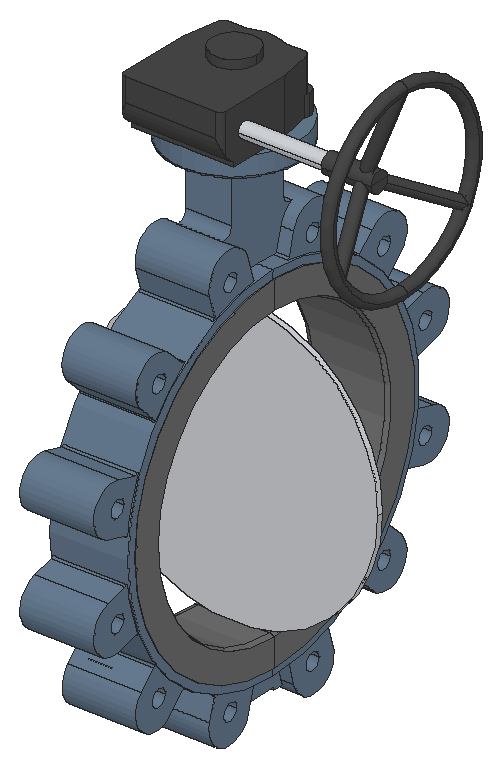
Revit family "HERZ Isolating Butterfly Valves AF-4219 with gearbox", category Rohrzubehör, Revit 2019 (continued)
Dimensions and locks
  "L03": plane 3 "Mitte (Links/rechts)" to Revolve 6 sketch curve
  "L02": Revolve 6 sketch curve to plane 3 "Mitte (Links/rechts)"
  "L03": Revolve 6 sketch curve to plane 3 "Mitte (Links/rechts)"
  "L01": plane 3 "Mitte (Links/rechts)" to Revolve 1 sketch curve
  "D02": Revolve 1 sketch curve to plane 2
  "L02": plane 3 "Mitte (Links/rechts)" to Revolve 6 sketch curve
  "D03": plane 2 to Revolve 6 sketch curve
  "L04": Revolve 6 sketch curve to plane 3 "Mitte (Links/rechts)" to Revolve 6 sketch curve
  "L01": curve 2 to plane 3 "Mitte (Links/rechts)" to curve 4
  equal spacing: curve 3, curve 6, curve 1
  equal spacing: curve 2, curve 6, curve 4
  "D01": curve 1 to plane 1 "Mitte (Vorne/hinten)" to curve 3
  "L01": curve 7 to curve 12 to curve 9
  "D01": curve 10 to curve 12 to curve 8
  "R99": radius of Revolve 2 sketch curve
  "D06": radius of Extrusion 7 sketch curve
  radius of curve 6 = 5 mm
  radius of curve 12 = 5 mm
  aligned and locked: level to plane 2
Automatic sketch dimensions
  Extrusion 3 sketch curve to Extrusion 3 sketch curve = 0 mm  (x20)
  Extrusion 3 sketch curve to level = 0 mm
  Extrusion 3 sketch curve to plane 1 "Mitte (Vorne/hinten)" = 0 mm
  plane 1 "Mitte (Vorne/hinten)" to Extrusion 3 sketch curve = 18.495 mm  (x2)
  Extrusion 3 sketch curve to Extrusion 3 sketch curve = 1.414 mm  (x16)
  Extrusion 3 sketch curve to Extrusion 3 sketch curve = 12.265 mm  (x8)
  Extrusion 3 sketch curve to level = 19.909 mm  (x2)
  Extrusion 3 sketch curve to Extrusion 3 sketch curve = 24.042 mm  (x8)
  level to Extrusion 3 sketch curve = 19.909 mm  (x2)
  Extrusion 3 sketch curve to Extrusion 3 sketch curve = 12.021 mm  (x12)
  Extrusion 3 sketch curve to plane 1 "Mitte (Vorne/hinten)" = 18.495 mm  (x2)
  Extrusion 3 sketch curve to Extrusion 3 sketch curve = 0.934 mm  (x4)
  Extrusion 4 sketch curve to level = 0 mm
  Extrusion 4 sketch curve to plane 1 "Mitte (Vorne/hinten)" = 0 mm
  plane 1 "Mitte (Vorne/hinten)" to Extrusion 4 sketch curve = 18.495 mm
  Extrusion 4 sketch curve to Extrusion 4 sketch curve = 1.414 mm  (x4)
  plane 1 "Mitte (Vorne/hinten)" to Extrusion 4 sketch curve = 20 mm
  Extrusion 4 sketch curve to Extrusion 4 sketch curve = 12.265 mm  (x2)
  Extrusion 4 sketch curve to Extrusion 4 sketch curve = 15 mm  (x2)
  Extrusion 4 sketch curve to Extrusion 4 sketch curve = 12.021 mm  (x4)
  Extrusion 4 sketch curve to plane 1 "Mitte (Vorne/hinten)" = 18.495 mm
  Extrusion 4 sketch curve to plane 1 "Mitte (Vorne/hinten)" = 20 mm
  level to Extrusion 4 sketch curve = 43.95 mm
  Extrusion 4 sketch curve to Extrusion 4 sketch curve = 0 mm
  Extrusion 4 sketch curve to Extrusion 4 sketch curve = 0.244 mm  (x2)
  Extrusion 4 sketch curve to Extrusion 4 sketch curve = 18.63 mm  (x2)
  Extrusion 4 sketch curve to Extrusion 4 sketch curve = 0.934 mm
  Extrusion 5 sketch curve to level = 0 mm
  Extrusion 5 sketch curve to plane 1 "Mitte (Vorne/hinten)" = 0 mm
  plane 1 "Mitte (Vorne/hinten)" to Extrusion 5 sketch curve = 15 mm
  Extrusion 5 sketch curve to Extrusion 5 sketch curve = 1.963 mm  (x2)
  Extrusion 5 sketch curve to Extrusion 5 sketch curve = 1.531 mm  (x2)
  Extrusion 5 sketch curve to Extrusion 5 sketch curve = 1.414 mm  (x4)
  Extrusion 5 sketch curve to Extrusion 5 sketch curve = 15.21 mm  (x2)
  Extrusion 5 sketch curve to Extrusion 5 sketch curve = 1.66 mm  (x2)
  Extrusion 5 sketch curve to Extrusion 5 sketch curve = 12.021 mm  (x3)
  Extrusion 5 sketch curve to plane 1 "Mitte (Vorne/hinten)" = 15 mm
  Extrusion 5 sketch curve to Extrusion 5 sketch curve = 1.037 mm  (x2)
  Extrusion 5 sketch curve to Extrusion 5 sketch curve = 1.4 mm  (x2)
  Extrusion 5 sketch curve to Extrusion 5 sketch curve = 1.785 mm  (x2)
  Extrusion 5 sketch curve to Extrusion 5 sketch curve = 12.635 mm  (x2)
  Extrusion 5 sketch curve to Extrusion 5 sketch curve = 0.934 mm
  Extrusion 5 sketch curve to Extrusion 5 sketch curve = 0.788 mm  (x2)
  Extrusion 5 sketch curve to Extrusion 5 sketch curve = 0 mm  (x2)
  Extrusion 4 sketch curve to Extrusion 4 sketch curve = 37.155 mm
  Extrusion 5 sketch curve to level = 43.95 mm
  Extrusion 8 sketch curve to Extrusion 8 sketch curve = 0 mm  (x12)
  Extrusion 8 sketch curve to level = 39.244 mm  (x2)
  plane 1 "Mitte (Vorne/hinten)" to Extrusion 8 sketch curve = 63.286 mm
  level to Extrusion 8 sketch curve = 39.244 mm  (x2)
  Extrusion 8 sketch curve to Extrusion 8 sketch curve = 9.19 mm  (x2)
  level to Extrusion 8 sketch curve = 28.614 mm  (x2)
  Extrusion 8 sketch curve to Extrusion 8 sketch curve = 1.441 mm  (x8)
  Extrusion 8 sketch curve to level = 28.614 mm  (x2)
  Extrusion 8 sketch curve to Extrusion 8 sketch curve = 12.021 mm  (x6)
  level to Extrusion 8 sketch curve = 63.286 mm  (x2)
  Extrusion 8 sketch curve to level = 63.286 mm  (x2)
  level to Extrusion 8 sketch curve = 52.636 mm  (x2)
  Extrusion 8 sketch curve to Extrusion 8 sketch curve = 10.65 mm  (x4)
  Extrusion 8 sketch curve to level = 52.636 mm  (x2)
  Extrusion 8 sketch curve to Extrusion 8 sketch curve = 1.414 mm  (x8)
  level to Extrusion 8 sketch curve = 0.001 mm  (x2)
  Extrusion 8 sketch curve to Extrusion 8 sketch curve = 28.594 mm
  Extrusion 8 sketch curve to level = 0.001 mm  (x2)
  Extrusion 8 sketch curve to Extrusion 8 sketch curve = 0.001 mm  (x2)
  Extrusion 8 sketch curve to Extrusion 8 sketch curve = 54.361 mm  (x2)
  Extrusion 8 sketch curve to Extrusion 8 sketch curve = 1.39 mm  (x2)
  Extrusion 8 sketch curve to Extrusion 8 sketch curve = 10.63 mm  (x2)
  Extrusion 8 sketch curve to Extrusion 8 sketch curve = 1.832 mm  (x2)
  Extrusion 9 sketch curve to Extrusion 9 sketch curve = 0 mm  (x5)
  Extrusion 9 sketch curve to level = 0 mm
  Extrusion 9 sketch curve to level = 51.265 mm
  plane 1 "Mitte (Vorne/hinten)" to Extrusion 9 sketch curve = 51.265 mm
  level to Extrusion 9 sketch curve = 51.265 mm
  Extrusion 9 sketch curve to Extrusion 9 sketch curve = 9.247 mm  (x3)
  Extrusion 9 sketch curve to level = 63.286 mm  (x2)
  Extrusion 9 sketch curve to Extrusion 9 sketch curve = 2.774 mm  (x4)
  level to Extrusion 9 sketch curve = 63.286 mm  (x2)
  Extrusion 9 sketch curve to Extrusion 9 sketch curve = 2.244 mm  (x2)
  Extrusion 9 sketch curve to Extrusion 9 sketch curve = 0.183 mm  (x2)
  level to Extrusion 9 sketch curve = 52.636 mm  (x2)
  Extrusion 9 sketch curve to Extrusion 9 sketch curve = 10.65 mm  (x3)
  Extrusion 9 sketch curve to level = 52.636 mm  (x2)
  Extrusion 9 sketch curve to Extrusion 9 sketch curve = 1.414 mm  (x8)
  Extrusion 9 sketch curve to Extrusion 9 sketch curve = 14.817 mm  (x2)
  Extrusion 9 sketch curve to Extrusion 9 sketch curve = 7.21 mm
  Extrusion 9 sketch curve to Extrusion 9 sketch curve = 1.971 mm
  Extrusion 9 sketch curve to Extrusion 9 sketch curve = 28.595 mm
  Extrusion 9 sketch curve to Extrusion 9 sketch curve = 36 mm
  Extrusion 9 sketch curve to Extrusion 9 sketch curve = 1.997 mm
  Extrusion 9 sketch curve to Extrusion 9 sketch curve = 44 mm
  Extrusion 9 sketch curve to Extrusion 9 sketch curve = 5.181 mm
  Extrusion 9 sketch curve to Extrusion 9 sketch curve = 7.184 mm
  Extrusion 9 sketch curve to Extrusion 9 sketch curve = 12.021 mm  (x2)
  Extrusion 9 sketch curve to Extrusion 9 sketch curve = 14.891 mm
  Extrusion 9 sketch curve to Extrusion 9 sketch curve = 6.473 mm
  Extrusion 9 sketch curve to Extrusion 9 sketch curve = 12.756 mm  (x2)
  Extrusion 9 sketch curve to Extrusion 9 sketch curve = 55.987 mm
  Extrusion 10 sketch curve to Extrusion 10 sketch curve = 0 mm  (x48)
  level to Extrusion 10 sketch curve = 14.909 mm  (x2)
  plane 1 "Mitte (Vorne/hinten)" to Extrusion 10 sketch curve = 80.416 mm
  Extrusion 10 sketch curve to level = 14.909 mm  (x2)
  Extrusion 10 sketch curve to Extrusion 10 sketch curve = 6.506 mm  (x6)
  Extrusion 10 sketch curve to level = 46.321 mm  (x2)
  level to Extrusion 10 sketch curve = 46.321 mm  (x2)
  Extrusion 10 sketch curve to level = 7.243 mm
  Extrusion 10 sketch curve to Extrusion 10 sketch curve = 13.321 mm
  level to Extrusion 10 sketch curve = 7.243 mm
  Extrusion 10 sketch curve to level = 9.076 mm  (x2)
  Extrusion 10 sketch curve to Extrusion 10 sketch curve = 0.759 mm  (x8)
  level to Extrusion 10 sketch curve = 9.076 mm  (x2)
  level to Extrusion 10 sketch curve = 40.487 mm  (x2)
  Extrusion 10 sketch curve to Extrusion 10 sketch curve = 14.082 mm  (x4)
  Extrusion 10 sketch curve to level = 40.487 mm  (x2)
  Extrusion 10 sketch curve to Extrusion 10 sketch curve = 0.758 mm  (x8)
  level to Extrusion 10 sketch curve = 67.405 mm  (x2)
  Extrusion 10 sketch curve to Extrusion 10 sketch curve = 6.243 mm  (x2)
  Extrusion 10 sketch curve to level = 67.405 mm  (x2)
  Extrusion 10 sketch curve to Extrusion 10 sketch curve = 10.245 mm  (x4)
  level to Extrusion 10 sketch curve = 53.322 mm  (x2)
  Extrusion 10 sketch curve to Extrusion 10 sketch curve = 1.831 mm  (x8)
  Extrusion 10 sketch curve to level = 53.322 mm  (x2)
  Extrusion 10 sketch curve to Extrusion 10 sketch curve = 15.706 mm  (x6)
  level to Extrusion 10 sketch curve = 80.416 mm  (x2)
  Extrusion 10 sketch curve to level = 80.416 mm  (x2)
  Extrusion 10 sketch curve to level = 66.335 mm  (x2)
  Extrusion 10 sketch curve to Extrusion 10 sketch curve = 5.832 mm  (x4)
  level to Extrusion 10 sketch curve = 66.335 mm  (x2)
  Extrusion 10 sketch curve to Extrusion 10 sketch curve = 1.833 mm  (x6)
  level to Extrusion 10 sketch curve = 0 mm
  Extrusion 10 sketch curve to Extrusion 10 sketch curve = 14.486 mm  (x2)
  Extrusion 10 sketch curve to Extrusion 10 sketch curve = 9.873 mm  (x2)
  Extrusion 10 sketch curve to Extrusion 10 sketch curve = 5.833 mm  (x2)
  Extrusion 10 sketch curve to Extrusion 10 sketch curve = 13.013 mm
  Extrusion 10 sketch curve to Extrusion 10 sketch curve = 14.081 mm  (x2)
  Extrusion 10 sketch curve to Extrusion 10 sketch curve = 1.973 mm  (x4)
  Extrusion 10 sketch curve to Extrusion 10 sketch curve = 1.544 mm  (x4)
  Extrusion 10 sketch curve to Extrusion 10 sketch curve = 1.243 mm  (x3)
  Extrusion 10 sketch curve to Extrusion 10 sketch curve = 0.211 mm  (x2)
  Extrusion 10 sketch curve to Extrusion 10 sketch curve = 0.002 mm  (x5)
  Extrusion 10 sketch curve to Extrusion 10 sketch curve = 0.213 mm  (x2)
  Extrusion 10 sketch curve to Extrusion 10 sketch curve = 41.076 mm
  Extrusion 10 sketch curve to level = 0 mm
  level to Extrusion 11 sketch curve = 100.814 mm
  plane 1 "Mitte (Vorne/hinten)" to Extrusion 11 sketch curve = 32 mm
  Extrusion 11 sketch curve to Extrusion 11 sketch curve = 1.385 mm
  Extrusion 11 sketch curve to Extrusion 11 sketch curve = 10 mm  (x2)
  Extrusion 11 sketch curve to level = 80.416 mm
  Extrusion 11 sketch curve to Extrusion 11 sketch curve = 15.706 mm  (x3)
  level to Extrusion 11 sketch curve = 80.416 mm  (x2)
  Extrusion 11 sketch curve to Extrusion 11 sketch curve = 1.409 mm
  Extrusion 11 sketch curve to level = 66.335 mm  (x2)
  Extrusion 11 sketch curve to Extrusion 11 sketch curve = 5.832 mm  (x3)
  level to Extrusion 11 sketch curve = 66.335 mm  (x2)
  Extrusion 11 sketch curve to Extrusion 11 sketch curve = 1.833 mm  (x4)
  level to Extrusion 11 sketch curve = 0.554 mm
  Extrusion 11 sketch curve to Extrusion 11 sketch curve = 9.076 mm
  Extrusion 11 sketch curve to level = 0.554 mm
  Extrusion 11 sketch curve to Extrusion 11 sketch curve = 0 mm  (x3)
  Extrusion 11 sketch curve to Extrusion 11 sketch curve = 14.486 mm  (x2)
  Extrusion 11 sketch curve to Extrusion 11 sketch curve = 44 mm
  Extrusion 11 sketch curve to Extrusion 11 sketch curve = 0.759 mm  (x4)
  Extrusion 11 sketch curve to Extrusion 11 sketch curve = 6.506 mm
  Extrusion 11 sketch curve to Extrusion 11 sketch curve = 42.686 mm
  Extrusion 11 sketch curve to level = 80.371 mm
  Extrusion 11 sketch curve to Extrusion 11 sketch curve = 1.39 mm
  Extrusion 11 sketch curve to Extrusion 11 sketch curve = 27 mm
  Extrusion 12 sketch curve to Extrusion 12 sketch curve = 0 mm  (x40)
  Extrusion 12 sketch curve to level = 0 mm
  level to Extrusion 12 sketch curve = 18.736 mm  (x2)
  plane 1 "Mitte (Vorne/hinten)" to Extrusion 12 sketch curve = 89.655 mm
  Extrusion 12 sketch curve to level = 18.736 mm  (x2)
  Extrusion 12 sketch curve to Extrusion 12 sketch curve = 6.506 mm  (x6)
  Extrusion 12 sketch curve to level = 50.147 mm  (x2)
  level to Extrusion 12 sketch curve = 50.147 mm  (x2)
  Extrusion 12 sketch curve to Extrusion 12 sketch curve = 13.415 mm  (x2)
  Extrusion 12 sketch curve to level = 12.858 mm  (x2)
  Extrusion 12 sketch curve to Extrusion 12 sketch curve = 0.776 mm  (x8)
  level to Extrusion 12 sketch curve = 12.858 mm  (x2)
  Extrusion 12 sketch curve to level = 44.269 mm  (x2)
  Extrusion 12 sketch curve to Extrusion 12 sketch curve = 14.192 mm  (x4)
  level to Extrusion 12 sketch curve = 44.269 mm  (x2)
  Extrusion 12 sketch curve to Extrusion 12 sketch curve = 0.775 mm  (x8)
  level to Extrusion 12 sketch curve = 76.644 mm  (x2)
  Extrusion 12 sketch curve to Extrusion 12 sketch curve = 11.529 mm  (x2)
  Extrusion 12 sketch curve to level = 76.644 mm  (x2)
  Extrusion 12 sketch curve to Extrusion 12 sketch curve = 4.008 mm  (x2)
  level to Extrusion 12 sketch curve = 62.451 mm  (x2)
  Extrusion 12 sketch curve to Extrusion 12 sketch curve = 1.871 mm  (x8)
  Extrusion 12 sketch curve to level = 62.451 mm  (x2)
  Extrusion 12 sketch curve to Extrusion 12 sketch curve = 15.706 mm  (x6)
  level to Extrusion 12 sketch curve = 89.655 mm  (x2)
  Extrusion 12 sketch curve to level = 89.655 mm  (x2)
  Extrusion 12 sketch curve to level = 75.464 mm  (x2)
  Extrusion 12 sketch curve to Extrusion 12 sketch curve = 5.878 mm  (x4)
  level to Extrusion 12 sketch curve = 75.464 mm  (x2)
  Extrusion 12 sketch curve to Extrusion 12 sketch curve = 1.873 mm  (x8)
  Extrusion 12 sketch curve to Extrusion 12 sketch curve = 21.969 mm  (x2)
  Extrusion 12 sketch curve to Extrusion 12 sketch curve = 9.827 mm  (x2)
  Extrusion 12 sketch curve to Extrusion 12 sketch curve = 5.879 mm  (x2)
  Extrusion 12 sketch curve to Extrusion 12 sketch curve = 15.537 mm  (x2)
  Extrusion 12 sketch curve to Extrusion 12 sketch curve = 13.013 mm
  Extrusion 12 sketch curve to Extrusion 12 sketch curve = 14.19 mm  (x2)
  Extrusion 12 sketch curve to Extrusion 12 sketch curve = 44.269 mm
  Extrusion 13 sketch curve to Extrusion 13 sketch curve = 0 mm  (x5)
  Extrusion 13 sketch curve to level = 0 mm
  level to Extrusion 13 sketch curve = 114.47 mm
  plane 1 "Mitte (Vorne/hinten)" to Extrusion 13 sketch curve = 41 mm
  Extrusion 13 sketch curve to level = 83.149 mm
  Extrusion 13 sketch curve to Extrusion 13 sketch curve = 6.558 mm  (x2)
  Extrusion 13 sketch curve to Extrusion 13 sketch curve = 15 mm  (x2)
  level to Extrusion 13 sketch curve = 89.655 mm  (x2)
  Extrusion 13 sketch curve to Extrusion 13 sketch curve = 15.706 mm  (x2)
  Extrusion 13 sketch curve to Extrusion 13 sketch curve = 5.236 mm  (x2)
  level to Extrusion 13 sketch curve = 75.464 mm  (x2)
  Extrusion 13 sketch curve to Extrusion 13 sketch curve = 5.878 mm  (x3)
  Extrusion 13 sketch curve to level = 75.464 mm  (x2)
  Extrusion 13 sketch curve to Extrusion 13 sketch curve = 1.873 mm  (x4)
  Extrusion 13 sketch curve to Extrusion 13 sketch curve = 12.858 mm
  Extrusion 13 sketch curve to Extrusion 13 sketch curve = 21.969 mm
  Extrusion 13 sketch curve to Extrusion 13 sketch curve = 3.345 mm
  Extrusion 13 sketch curve to Extrusion 13 sketch curve = 3 mm  (x2)
  Extrusion 13 sketch curve to Extrusion 13 sketch curve = 6.506 mm  (x3)
  Extrusion 13 sketch curve to Extrusion 13 sketch curve = 0.776 mm  (x4)
  Extrusion 13 sketch curve to Extrusion 13 sketch curve = 31.321 mm
  Extrusion 13 sketch curve to Extrusion 13 sketch curve = 52.53 mm
  Extrusion 13 sketch curve to Extrusion 13 sketch curve = 11.129 mm  (x2)
  Extrusion 13 sketch curve to Extrusion 13 sketch curve = 9.812 mm  (x2)
  Extrusion 13 sketch curve to Extrusion 13 sketch curve = 3.078 mm
  Extrusion 13 sketch curve to Extrusion 13 sketch curve = 21.68 mm
  Extrusion 13 sketch curve to Extrusion 13 sketch curve = 2.515 mm
  Extrusion 13 sketch curve to Extrusion 13 sketch curve = 52 mm
  Extrusion 14 sketch curve to Extrusion 14 sketch curve = 0 mm  (x22)
  Extrusion 14 sketch curve to level = 24.476 mm  (x2)
  plane 1 "Mitte (Vorne/hinten)" to Extrusion 14 sketch curve = 103.513 mm
  level to Extrusion 14 sketch curve = 24.476 mm  (x2)
  Extrusion 14 sketch curve to Extrusion 14 sketch curve = 6.506 mm  (x6)
  Extrusion 14 sketch curve to Extrusion 14 sketch curve = 11.623 mm  (x2)
  Extrusion 14 sketch curve to level = 19.351 mm  (x2)
  Extrusion 14 sketch curve to Extrusion 14 sketch curve = 0.749 mm  (x8)
  level to Extrusion 14 sketch curve = 19.351 mm  (x2)
  Extrusion 14 sketch curve to level = 55.888 mm  (x2)
  level to Extrusion 14 sketch curve = 55.888 mm  (x2)
  Extrusion 14 sketch curve to level = 50.783 mm  (x2)
  Extrusion 14 sketch curve to Extrusion 14 sketch curve = 12.323 mm  (x4)
  level to Extrusion 14 sketch curve = 50.783 mm  (x2)
  Extrusion 14 sketch curve to Extrusion 14 sketch curve = 0.774 mm  (x8)
  level to Extrusion 14 sketch curve = 90.502 mm  (x2)
  Extrusion 14 sketch curve to Extrusion 14 sketch curve = 21.517 mm  (x2)
  Extrusion 14 sketch curve to level = 90.502 mm  (x2)
  Extrusion 14 sketch curve to Extrusion 14 sketch curve = 3.235 mm  (x2)
  Extrusion 14 sketch curve to level = 78.179 mm  (x2)
  Extrusion 14 sketch curve to Extrusion 14 sketch curve = 1.869 mm  (x8)
  level to Extrusion 14 sketch curve = 78.179 mm  (x2)
  Extrusion 14 sketch curve to Extrusion 14 sketch curve = 15.706 mm  (x6)
  level to Extrusion 14 sketch curve = 103.513 mm  (x2)
  Extrusion 14 sketch curve to level = 103.513 mm  (x2)
  level to Extrusion 14 sketch curve = 91.141 mm  (x2)
  Extrusion 14 sketch curve to Extrusion 14 sketch curve = 5.125 mm  (x4)
  Extrusion 14 sketch curve to level = 91.141 mm  (x2)
  Extrusion 14 sketch curve to Extrusion 14 sketch curve = 1.809 mm  (x8)
  Extrusion 14 sketch curve to level = 0.103 mm  (x2)
  Extrusion 14 sketch curve to Extrusion 14 sketch curve = 90.896 mm
  level to Extrusion 14 sketch curve = 0.103 mm  (x2)
  Extrusion 14 sketch curve to Extrusion 14 sketch curve = 0.142 mm  (x7)
  Extrusion 14 sketch curve to Extrusion 14 sketch curve = 0.207 mm  (x2)
  Extrusion 14 sketch curve to Extrusion 14 sketch curve = 35.084 mm  (x2)
  Extrusion 14 sketch curve to Extrusion 14 sketch curve = 10.601 mm  (x2)
  Extrusion 14 sketch curve to Extrusion 14 sketch curve = 5.104 mm  (x2)
  Extrusion 14 sketch curve to Extrusion 14 sketch curve = 24.752 mm  (x2)
  Extrusion 14 sketch curve to Extrusion 14 sketch curve = 12.962 mm  (x2)
  Extrusion 14 sketch curve to Extrusion 14 sketch curve = 12.372 mm  (x2)
  Extrusion 14 sketch curve to level = 0.245 mm
  Extrusion 14 sketch curve to Extrusion 14 sketch curve = 1.933 mm  (x2)
  Extrusion 14 sketch curve to Extrusion 14 sketch curve = 0.314 mm  (x2)
  level to Extrusion 15 sketch curve = 97.007 mm
  plane 1 "Mitte (Vorne/hinten)" to Extrusion 15 sketch curve = 40.182 mm
  Extrusion 15 sketch curve to level = 97.007 mm
  Extrusion 15 sketch curve to Extrusion 15 sketch curve = 0 mm  (x7)
  Extrusion 15 sketch curve to Extrusion 15 sketch curve = 4.132 mm
  Extrusion 15 sketch curve to Extrusion 15 sketch curve = 10.048 mm  (x2)
  Extrusion 15 sketch curve to Extrusion 15 sketch curve = 15.706 mm  (x3)
  level to Extrusion 15 sketch curve = 103.513 mm  (x2)
  level to Extrusion 15 sketch curve = 91.141 mm  (x2)
  Extrusion 15 sketch curve to Extrusion 15 sketch curve = 5.125 mm  (x3)
  Extrusion 15 sketch curve to level = 91.141 mm  (x2)
  Extrusion 15 sketch curve to Extrusion 15 sketch curve = 1.809 mm  (x4)
  Extrusion 15 sketch curve to Extrusion 15 sketch curve = 10.974 mm  (x2)
  Extrusion 15 sketch curve to level = 0.111 mm
  Extrusion 15 sketch curve to Extrusion 15 sketch curve = 19.35 mm
  level to Extrusion 15 sketch curve = 0.111 mm
  Extrusion 15 sketch curve to Extrusion 15 sketch curve = 35.081 mm
  Extrusion 15 sketch curve to Extrusion 15 sketch curve = 4.041 mm
  Extrusion 15 sketch curve to level = 103.513 mm
  Extrusion 15 sketch curve to Extrusion 15 sketch curve = 9.998 mm  (x2)
  Extrusion 15 sketch curve to Extrusion 15 sketch curve = 3 mm
  Extrusion 15 sketch curve to Extrusion 15 sketch curve = 6.505 mm  (x2)
  Extrusion 15 sketch curve to Extrusion 15 sketch curve = 0.749 mm  (x4)
  Extrusion 15 sketch curve to Extrusion 15 sketch curve = 20.176 mm  (x2)
  Extrusion 15 sketch curve to Extrusion 15 sketch curve = 62.311 mm
  Extrusion 15 sketch curve to Extrusion 15 sketch curve = 0.048 mm
  Extrusion 15 sketch curve to Extrusion 15 sketch curve = 11.626 mm  (x2)
  Extrusion 15 sketch curve to Extrusion 15 sketch curve = 27 mm
  Extrusion 15 sketch curve to Extrusion 15 sketch curve = 52 mm
  Extrusion 16 sketch curve to Extrusion 16 sketch curve = 0 mm  (x23)
  Extrusion 16 sketch curve to level = 26.521 mm  (x2)
  plane 1 "Mitte (Vorne/hinten)" to Extrusion 16 sketch curve = 118.902 mm
  level to Extrusion 16 sketch curve = 26.521 mm  (x2)
  Extrusion 16 sketch curve to Extrusion 16 sketch curve = 8.036 mm  (x6)
  Extrusion 16 sketch curve to Extrusion 16 sketch curve = 15.875 mm  (x2)
  level to Extrusion 16 sketch curve = 65.323 mm  (x2)
  Extrusion 16 sketch curve to level = 65.323 mm  (x2)
  level to Extrusion 16 sketch curve = 19.621 mm  (x2)
  Extrusion 16 sketch curve to Extrusion 16 sketch curve = 0.782 mm  (x8)
  Extrusion 16 sketch curve to level = 19.621 mm  (x2)
  Extrusion 16 sketch curve to level = 58.409 mm  (x2)
  Extrusion 16 sketch curve to Extrusion 16 sketch curve = 16.693 mm  (x4)
  level to Extrusion 16 sketch curve = 58.409 mm  (x2)
  Extrusion 16 sketch curve to Extrusion 16 sketch curve = 0.763 mm  (x8)
  Extrusion 16 sketch curve to level = 102.829 mm  (x2)
  Extrusion 16 sketch curve to Extrusion 16 sketch curve = 20.05 mm  (x2)
  level to Extrusion 16 sketch curve = 102.829 mm  (x2)
  Extrusion 16 sketch curve to Extrusion 16 sketch curve = 5.074 mm  (x2)
  level to Extrusion 16 sketch curve = 86.136 mm  (x2)
  Extrusion 16 sketch curve to Extrusion 16 sketch curve = 1.841 mm  (x8)
  Extrusion 16 sketch curve to level = 86.136 mm  (x2)
  Extrusion 16 sketch curve to Extrusion 16 sketch curve = 19.401 mm  (x6)
  level to Extrusion 16 sketch curve = 118.902 mm  (x2)
  Extrusion 16 sketch curve to level = 118.902 mm  (x2)
  level to Extrusion 16 sketch curve = 102.246 mm  (x2)
  Extrusion 16 sketch curve to Extrusion 16 sketch curve = 6.899 mm  (x4)
  Extrusion 16 sketch curve to level = 102.246 mm  (x2)
  Extrusion 16 sketch curve to Extrusion 16 sketch curve = 1.887 mm  (x8)
  level to Extrusion 16 sketch curve = 0.002 mm  (x2)
  Extrusion 16 sketch curve to Extrusion 16 sketch curve = 86.133 mm
  Extrusion 16 sketch curve to level = 0.002 mm
  Extrusion 16 sketch curve to Extrusion 16 sketch curve = 0.001 mm  (x8)
  Extrusion 16 sketch curve to Extrusion 16 sketch curve = 35.469 mm  (x2)
  Extrusion 16 sketch curve to Extrusion 16 sketch curve = 12.487 mm  (x2)
  Extrusion 16 sketch curve to Extrusion 16 sketch curve = 6.914 mm  (x2)
  Extrusion 16 sketch curve to Extrusion 16 sketch curve = 25.124 mm  (x2)
  Extrusion 16 sketch curve to Extrusion 16 sketch curve = 16.11 mm
  Extrusion 16 sketch curve to Extrusion 16 sketch curve = 16.656 mm  (x2)
  Extrusion 16 sketch curve to level = 0.003 mm
  Extrusion 16 sketch curve to Extrusion 16 sketch curve = 2.019 mm  (x2)
  Extrusion 16 sketch curve to Extrusion 16 sketch curve = 0.309 mm  (x2)
  Extrusion 16 sketch curve to Extrusion 16 sketch curve = 0.004 mm  (x2)
  Extrusion 17 sketch curve to Extrusion 17 sketch curve = 0 mm  (x7)
  Extrusion 17 sketch curve to level = 0 mm
  Extrusion 17 sketch curve to plane 1 "Mitte (Vorne/hinten)" = 0 mm
  plane 1 "Mitte (Vorne/hinten)" to Extrusion 17 sketch curve = 13.5 mm
  plane 1 "Mitte (Vorne/hinten)" to Extrusion 17 sketch curve = 17.734 mm  (x2)
  Extrusion 17 sketch curve to Extrusion 17 sketch curve = 1.887 mm  (x4)
  plane 1 "Mitte (Vorne/hinten)" to Extrusion 17 sketch curve = 26 mm
  Extrusion 17 sketch curve to Extrusion 17 sketch curve = 0.521 mm
  Extrusion 17 sketch curve to Extrusion 17 sketch curve = 13.021 mm  (x2)
  Extrusion 17 sketch curve to Extrusion 17 sketch curve = 4.341 mm  (x2)
  Extrusion 17 sketch curve to Extrusion 17 sketch curve = 10 mm  (x2)
  Extrusion 17 sketch curve to Extrusion 17 sketch curve = 19.401 mm  (x4)
  Extrusion 17 sketch curve to plane 1 "Mitte (Vorne/hinten)" = 13.5 mm
  Extrusion 17 sketch curve to plane 1 "Mitte (Vorne/hinten)" = 17.734 mm  (x2)
  Extrusion 17 sketch curve to Extrusion 17 sketch curve = 6.899 mm
  Extrusion 17 sketch curve to level = 102.246 mm
  Extrusion 17 sketch curve to Extrusion 17 sketch curve = 0.782 mm  (x4)
  Extrusion 17 sketch curve to Extrusion 17 sketch curve = 8.62 mm  (x4)
  Extrusion 17 sketch curve to Extrusion 17 sketch curve = 16.656 mm  (x4)
  Extrusion 17 sketch curve to Extrusion 17 sketch curve = 3 mm
  level to Extrusion 17 sketch curve = 102.246 mm
  Extrusion 17 sketch curve to Extrusion 17 sketch curve = 16.098 mm  (x2)
  Extrusion 17 sketch curve to Extrusion 17 sketch curve = 64 mm
  Extrusion 17 sketch curve to Extrusion 17 sketch curve = 4.938 mm
  Extrusion 18 sketch curve to Extrusion 18 sketch curve = 0 mm  (x62)
  Extrusion 18 sketch curve to level = 0 mm
  Extrusion 18 sketch curve to level = 17.891 mm  (x2)
  plane 1 "Mitte (Vorne/hinten)" to Extrusion 18 sketch curve = 147.909 mm
  level to Extrusion 18 sketch curve = 17.891 mm  (x2)
  Extrusion 18 sketch curve to Extrusion 18 sketch curve = 5.435 mm  (x6)
  Extrusion 18 sketch curve to level = 58.46 mm  (x2)
  level to Extrusion 18 sketch curve = 58.46 mm  (x2)
  Extrusion 18 sketch curve to Extrusion 18 sketch curve = 15.462 mm  (x2)
  level to Extrusion 18 sketch curve = 13.612 mm  (x2)
  Extrusion 18 sketch curve to Extrusion 18 sketch curve = 0.509 mm  (x8)
  Extrusion 18 sketch curve to level = 13.612 mm  (x2)
  Extrusion 18 sketch curve to level = 54.199 mm  (x2)
  Extrusion 18 sketch curve to Extrusion 18 sketch curve = 15.903 mm  (x4)
  level to Extrusion 18 sketch curve = 54.199 mm  (x2)
  Extrusion 18 sketch curve to Extrusion 18 sketch curve = 0.53 mm  (x8)
  Extrusion 18 sketch curve to level = 89.449 mm  (x2)
  Extrusion 18 sketch curve to Extrusion 18 sketch curve = 1.459 mm  (x2)
  level to Extrusion 18 sketch curve = 89.449 mm  (x2)
  Extrusion 18 sketch curve to Extrusion 18 sketch curve = 10.302 mm  (x2)
  Extrusion 18 sketch curve to level = 77.758 mm  (x2)
  Extrusion 18 sketch curve to Extrusion 18 sketch curve = 1.389 mm  (x8)
  level to Extrusion 18 sketch curve = 77.758 mm  (x2)
  Extrusion 18 sketch curve to Extrusion 18 sketch curve = 14.849 mm  (x6)
  Extrusion 18 sketch curve to level = 119.147 mm  (x2)
  level to Extrusion 18 sketch curve = 119.147 mm  (x2)
  level to Extrusion 18 sketch curve = 107.506 mm  (x2)
  Extrusion 18 sketch curve to Extrusion 18 sketch curve = 11.642 mm  (x4)
  Extrusion 18 sketch curve to level = 107.506 mm  (x2)
  Extrusion 18 sketch curve to Extrusion 18 sketch curve = 1.448 mm  (x8)
  level to Extrusion 18 sketch curve = 137.039 mm  (x2)
  Extrusion 18 sketch curve to Extrusion 18 sketch curve = 17.899 mm  (x2)
  Extrusion 18 sketch curve to level = 137.039 mm  (x2)
  Extrusion 18 sketch curve to Extrusion 18 sketch curve = 2.283 mm  (x2)
  Extrusion 18 sketch curve to level = 121.136 mm  (x2)
  Extrusion 18 sketch curve to Extrusion 18 sketch curve = 1.978 mm  (x8)
  level to Extrusion 18 sketch curve = 121.136 mm  (x2)
  Extrusion 18 sketch curve to Extrusion 18 sketch curve = 20.284 mm  (x6)
  Extrusion 18 sketch curve to level = 147.909 mm  (x2)
  level to Extrusion 18 sketch curve = 147.909 mm  (x2)
  level to Extrusion 18 sketch curve = 131.939 mm  (x2)
  Extrusion 18 sketch curve to Extrusion 18 sketch curve = 4.279 mm  (x4)
  Extrusion 18 sketch curve to level = 131.939 mm  (x2)
  Extrusion 18 sketch curve to Extrusion 18 sketch curve = 1.898 mm  (x8)
  Extrusion 18 sketch curve to Extrusion 18 sketch curve = 13.612 mm
  Extrusion 18 sketch curve to Extrusion 18 sketch curve = 23.429 mm  (x2)
  Extrusion 18 sketch curve to Extrusion 18 sketch curve = 16.023 mm  (x2)
  Extrusion 18 sketch curve to Extrusion 18 sketch curve = 4.261 mm  (x2)
  Extrusion 18 sketch curve to Extrusion 18 sketch curve = 20.183 mm  (x2)
  Extrusion 18 sketch curve to Extrusion 18 sketch curve = 3.158 mm  (x2)
  Extrusion 18 sketch curve to Extrusion 18 sketch curve = 11.691 mm  (x2)
  Extrusion 18 sketch curve to Extrusion 18 sketch curve = 11.76 mm  (x2)
  Extrusion 18 sketch curve to Extrusion 18 sketch curve = 10.803 mm
  Extrusion 18 sketch curve to Extrusion 18 sketch curve = 15.97 mm  (x2)
  Extrusion 19 sketch curve to Extrusion 19 sketch curve = 0 mm  (x5)
  Extrusion 19 sketch curve to level = 0 mm
  Extrusion 19 sketch curve to level = 142.474 mm
  plane 1 "Mitte (Vorne/hinten)" to Extrusion 19 sketch curve = 38.176 mm
  level to Extrusion 19 sketch curve = 142.474 mm
  Extrusion 19 sketch curve to Extrusion 19 sketch curve = 8.163 mm
  Extrusion 19 sketch curve to Extrusion 19 sketch curve = 2.013 mm  (x2)
  Extrusion 19 sketch curve to level = 147.909 mm
  Extrusion 19 sketch curve to Extrusion 19 sketch curve = 20.284 mm  (x3)
  level to Extrusion 19 sketch curve = 147.909 mm  (x2)
  Extrusion 19 sketch curve to Extrusion 19 sketch curve = 10.109 mm
  Extrusion 19 sketch curve to level = 131.939 mm  (x2)
  Extrusion 19 sketch curve to Extrusion 19 sketch curve = 4.279 mm  (x4)
  level to Extrusion 19 sketch curve = 131.939 mm  (x2)
  Extrusion 19 sketch curve to Extrusion 19 sketch curve = 1.898 mm  (x4)
  Extrusion 19 sketch curve to Extrusion 19 sketch curve = 13.612 mm
  Extrusion 19 sketch curve to Extrusion 19 sketch curve = 23.429 mm  (x2)
  Extrusion 19 sketch curve to Extrusion 19 sketch curve = 56 mm
  Extrusion 19 sketch curve to Extrusion 19 sketch curve = 5.435 mm  (x2)
  Extrusion 19 sketch curve to Extrusion 19 sketch curve = 0.509 mm  (x4)
  Extrusion 19 sketch curve to Extrusion 19 sketch curve = 16.081 mm  (x2)
  Extrusion 19 sketch curve to Extrusion 19 sketch curve = 66.01 mm
  Extrusion 19 sketch curve to Extrusion 19 sketch curve = 1.832 mm  (x2)
  Extrusion 19 sketch curve to Extrusion 19 sketch curve = 0.173 mm
  Extrusion 20 sketch curve to level = 22.097 mm  (x2)
  plane 1 "Mitte (Vorne/hinten)" to Extrusion 20 sketch curve = 177.618 mm
  level to Extrusion 20 sketch curve = 22.097 mm  (x2)
  Extrusion 20 sketch curve to Extrusion 20 sketch curve = 0 mm  (x17)
  Extrusion 20 sketch curve to Extrusion 20 sketch curve = 6.47 mm  (x4)
  Extrusion 20 sketch curve to Extrusion 20 sketch curve = 2.415 mm  (x8)
  level to Extrusion 20 sketch curve = 70.393 mm  (x2)
  Extrusion 20 sketch curve to level = 70.393 mm  (x2)
  Extrusion 20 sketch curve to Extrusion 20 sketch curve = 18.556 mm  (x2)
  Extrusion 20 sketch curve to level = 16.983 mm  (x2)
  Extrusion 20 sketch curve to Extrusion 20 sketch curve = 0.529 mm  (x16)
  level to Extrusion 20 sketch curve = 16.983 mm  (x2)
  level to Extrusion 20 sketch curve = 65.28 mm  (x2)
  Extrusion 20 sketch curve to Extrusion 20 sketch curve = 19.085 mm  (x6)
  Extrusion 20 sketch curve to level = 65.28 mm  (x2)
  Extrusion 20 sketch curve to level = 107.956 mm  (x2)
  Extrusion 20 sketch curve to Extrusion 20 sketch curve = 2.085 mm  (x2)
  level to Extrusion 20 sketch curve = 107.956 mm  (x2)
  Extrusion 20 sketch curve to Extrusion 20 sketch curve = 12.527 mm  (x2)
  level to Extrusion 20 sketch curve = 93.984 mm  (x2)
  Extrusion 20 sketch curve to Extrusion 20 sketch curve = 1.445 mm  (x16)
  Extrusion 20 sketch curve to level = 93.984 mm  (x2)
  Extrusion 20 sketch curve to Extrusion 20 sketch curve = 17.678 mm  (x4)
  Extrusion 20 sketch curve to Extrusion 20 sketch curve = 1.768 mm  (x8)
  level to Extrusion 20 sketch curve = 143.311 mm  (x2)
  Extrusion 20 sketch curve to level = 143.311 mm  (x2)
  Extrusion 20 sketch curve to level = 129.34 mm  (x2)
  Extrusion 20 sketch curve to Extrusion 20 sketch curve = 13.971 mm  (x6)
  level to Extrusion 20 sketch curve = 129.34 mm  (x2)
  level to Extrusion 20 sketch curve = 164.981 mm  (x2)
  Extrusion 20 sketch curve to Extrusion 20 sketch curve = 22.118 mm  (x2)
  Extrusion 20 sketch curve to level = 164.981 mm  (x2)
  Extrusion 20 sketch curve to Extrusion 20 sketch curve = 3.14 mm  (x2)
  level to Extrusion 20 sketch curve = 145.897 mm  (x2)
  Extrusion 20 sketch curve to Extrusion 20 sketch curve = 1.974 mm  (x8)
  Extrusion 20 sketch curve to level = 145.897 mm  (x2)
  Extrusion 20 sketch curve to Extrusion 20 sketch curve = 24.148 mm  (x4)
  Extrusion 20 sketch curve to Extrusion 20 sketch curve = 0.647 mm  (x8)
  level to Extrusion 20 sketch curve = 177.922 mm  (x2)
  Extrusion 20 sketch curve to level = 177.922 mm  (x2)
  level to Extrusion 20 sketch curve = 158.837 mm  (x2)
  Extrusion 20 sketch curve to Extrusion 20 sketch curve = 5.114 mm  (x6)
  Extrusion 20 sketch curve to level = 158.837 mm  (x2)
  Extrusion 20 sketch curve to Extrusion 20 sketch curve = 1.973 mm  (x8)
  Extrusion 20 sketch curve to level = 0.226 mm  (x2)
  Extrusion 20 sketch curve to Extrusion 20 sketch curve = 158.098 mm
  level to Extrusion 20 sketch curve = 0.226 mm
  level to Extrusion 20 sketch curve = 0.072 mm
  Extrusion 20 sketch curve to Extrusion 20 sketch curve = 0.128 mm  (x3)
  Extrusion 20 sketch curve to level = 0.072 mm
  Extrusion 20 sketch curve to Extrusion 20 sketch curve = 0.061 mm  (x4)
  Extrusion 20 sketch curve to level = 0.036 mm  (x2)
  Extrusion 20 sketch curve to Extrusion 20 sketch curve = 0.324 mm
  Extrusion 20 sketch curve to Extrusion 20 sketch curve = 29.244 mm  (x2)
  Extrusion 20 sketch curve to Extrusion 20 sketch curve = 23.501 mm  (x2)
  Extrusion 20 sketch curve to Extrusion 20 sketch curve = 19.681 mm  (x2)
  Extrusion 20 sketch curve to Extrusion 20 sketch curve = 25.258 mm  (x2)
  Extrusion 20 sketch curve to Extrusion 20 sketch curve = 15.91 mm  (x2)
  Extrusion 20 sketch curve to Extrusion 20 sketch curve = 5.474 mm  (x2)
  Extrusion 20 sketch curve to Extrusion 20 sketch curve = 14.612 mm  (x2)
  Extrusion 20 sketch curve to Extrusion 20 sketch curve = 12.94 mm
  Extrusion 20 sketch curve to Extrusion 20 sketch curve = 4.056 mm  (x2)
  Extrusion 20 sketch curve to Extrusion 20 sketch curve = 0.035 mm  (x2)
  level to Extrusion 20 sketch curve = 0.036 mm  (x2)
  Extrusion 20 sketch curve to Extrusion 20 sketch curve = 0.154 mm
  Extrusion 20 sketch curve to Extrusion 20 sketch curve = 2.037 mm  (x4)
  Extrusion 20 sketch curve to Extrusion 20 sketch curve = 1.856 mm  (x4)
  Extrusion 20 sketch curve to Extrusion 20 sketch curve = 1.841 mm  (x4)
  Extrusion 20 sketch curve to Extrusion 20 sketch curve = 1.179 mm  (x4)
  Extrusion 20 sketch curve to Extrusion 20 sketch curve = 0.856 mm  (x4)
  Extrusion 20 sketch curve to Extrusion 20 sketch curve = 0.153 mm  (x4)
  level to Extrusion 21 sketch curve = 171.452 mm
  plane 1 "Mitte (Vorne/hinten)" to Extrusion 21 sketch curve = 45.94 mm
  Extrusion 21 sketch curve to level = 171.452 mm
  Extrusion 21 sketch curve to Extrusion 21 sketch curve = 0 mm  (x2)
  Extrusion 21 sketch curve to Extrusion 21 sketch curve = 6.907 mm
  Extrusion 21 sketch curve to Extrusion 21 sketch curve = 11.901 mm
  Extrusion 21 sketch curve to Extrusion 21 sketch curve = 1.957 mm  (x2)
  Extrusion 21 sketch curve to level = 177.922 mm  (x2)
  Extrusion 21 sketch curve to Extrusion 21 sketch curve = 17.241 mm
  level to Extrusion 21 sketch curve = 177.922 mm  (x2)
  Extrusion 21 sketch curve to Extrusion 21 sketch curve = 10.291 mm  (x2)
  Extrusion 21 sketch curve to Extrusion 21 sketch curve = 0.709 mm  (x2)
  level to Extrusion 21 sketch curve = 158.808 mm  (x2)
  Extrusion 21 sketch curve to Extrusion 21 sketch curve = 5.122 mm  (x3)
  Extrusion 21 sketch curve to level = 158.808 mm  (x2)
  Extrusion 21 sketch curve to Extrusion 21 sketch curve = 1.932 mm  (x4)
  level to Extrusion 21 sketch curve = 0.021 mm
  Extrusion 21 sketch curve to Extrusion 21 sketch curve = 16.588 mm
  Extrusion 21 sketch curve to Extrusion 21 sketch curve = 29.311 mm  (x2)
  Extrusion 21 sketch curve to Extrusion 21 sketch curve = 24.148 mm
  Extrusion 21 sketch curve to Extrusion 21 sketch curve = 17.557 mm
  Extrusion 21 sketch curve to Extrusion 21 sketch curve = 3 mm
  Extrusion 21 sketch curve to Extrusion 21 sketch curve = 6.47 mm  (x2)
  Extrusion 21 sketch curve to Extrusion 21 sketch curve = 0.518 mm  (x4)
  Extrusion 21 sketch curve to level = 0.021 mm
  Extrusion 21 sketch curve to Extrusion 21 sketch curve = 17.717 mm  (x2)
  Extrusion 21 sketch curve to Extrusion 21 sketch curve = 67.361 mm
  Extrusion 21 sketch curve to Extrusion 21 sketch curve = 0.12 mm  (x2)
  Extrusion 21 sketch curve to Extrusion 21 sketch curve = 17.951 mm
  Extrusion 21 sketch curve to Extrusion 21 sketch curve = 6.344 mm
  level to Extrusion 22 sketch curve = 28.91 mm  (x2)
  plane 1 "Mitte (Vorne/hinten)" to Extrusion 22 sketch curve = 204.485 mm
  Extrusion 22 sketch curve to level = 28.91 mm  (x2)
  Extrusion 22 sketch curve to Extrusion 22 sketch curve = 0 mm  (x9)
  Extrusion 22 sketch curve to Extrusion 22 sketch curve = 6.47 mm  (x4)
  Extrusion 22 sketch curve to Extrusion 22 sketch curve = 4.83 mm  (x8)
  Extrusion 22 sketch curve to level = 77.206 mm  (x2)
  level to Extrusion 22 sketch curve = 77.206 mm  (x2)
  Extrusion 22 sketch curve to Extrusion 22 sketch curve = 20.758 mm  (x2)
  level to Extrusion 22 sketch curve = 23.212 mm  (x2)
  Extrusion 22 sketch curve to Extrusion 22 sketch curve = 0.507 mm  (x8)
  Extrusion 22 sketch curve to level = 23.212 mm  (x2)
  Extrusion 22 sketch curve to level = 71.52 mm  (x2)
  Extrusion 22 sketch curve to Extrusion 22 sketch curve = 21.221 mm  (x4)
  level to Extrusion 22 sketch curve = 71.52 mm  (x2)
  Extrusion 22 sketch curve to Extrusion 22 sketch curve = 0.521 mm  (x8)
  level to Extrusion 22 sketch curve = 127.279 mm  (x2)
  Extrusion 22 sketch curve to Extrusion 22 sketch curve = 7.168 mm  (x2)
  Extrusion 22 sketch curve to level = 127.279 mm  (x2)
  Extrusion 22 sketch curve to Extrusion 22 sketch curve = 14.182 mm  (x2)
  Extrusion 22 sketch curve to level = 111.712 mm  (x2)
  Extrusion 22 sketch curve to Extrusion 22 sketch curve = 1.386 mm  (x8)
  level to Extrusion 22 sketch curve = 111.712 mm  (x2)
  Extrusion 22 sketch curve to Extrusion 22 sketch curve = 17.678 mm  (x4)
  Extrusion 22 sketch curve to Extrusion 22 sketch curve = 3.536 mm  (x8)
  level to Extrusion 22 sketch curve = 162.635 mm  (x2)
  Extrusion 22 sketch curve to level = 162.635 mm  (x2)
  Extrusion 22 sketch curve to level = 147.1 mm  (x2)
  Extrusion 22 sketch curve to Extrusion 22 sketch curve = 15.535 mm  (x4)
  level to Extrusion 22 sketch curve = 147.1 mm  (x2)
  Extrusion 22 sketch curve to Extrusion 22 sketch curve = 1.423 mm  (x8)
  level to Extrusion 22 sketch curve = 191.544 mm  (x2)
  Extrusion 22 sketch curve to Extrusion 22 sketch curve = 33.115 mm  (x2)
  Extrusion 22 sketch curve to level = 191.544 mm  (x2)
  Extrusion 22 sketch curve to Extrusion 22 sketch curve = 3.742 mm  (x2)
  Extrusion 22 sketch curve to level = 170.323 mm  (x2)
  Extrusion 22 sketch curve to Extrusion 22 sketch curve = 1.944 mm  (x8)
  level to Extrusion 22 sketch curve = 170.323 mm  (x2)
  Extrusion 22 sketch curve to Extrusion 22 sketch curve = 24.148 mm  (x4)
  Extrusion 22 sketch curve to Extrusion 22 sketch curve = 1.294 mm  (x8)
  Extrusion 22 sketch curve to level = 204.485 mm  (x2)
  level to Extrusion 22 sketch curve = 204.485 mm  (x2)
  level to Extrusion 22 sketch curve = 183.22 mm  (x2)
  Extrusion 22 sketch curve to Extrusion 22 sketch curve = 5.698 mm  (x4)
  Extrusion 22 sketch curve to level = 183.22 mm  (x2)
  Extrusion 22 sketch curve to Extrusion 22 sketch curve = 1.893 mm  (x8)
  Extrusion 22 sketch curve to level = 0.029 mm
  Extrusion 22 sketch curve to Extrusion 22 sketch curve = 147.001 mm
  level to Extrusion 22 sketch curve = 0.029 mm  (x2)
  Extrusion 22 sketch curve to Extrusion 22 sketch curve = 0.008 mm  (x4)
  Extrusion 22 sketch curve to Extrusion 22 sketch curve = 0.029 mm  (x4)
  Extrusion 22 sketch curve to Extrusion 22 sketch curve = 0.057 mm  (x4)
  Extrusion 22 sketch curve to Extrusion 22 sketch curve = 42.638 mm  (x2)
  Extrusion 22 sketch curve to Extrusion 22 sketch curve = 22.854 mm  (x2)
  Extrusion 22 sketch curve to Extrusion 22 sketch curve = 19.756 mm  (x2)
  Extrusion 22 sketch curve to Extrusion 22 sketch curve = 5.686 mm  (x2)
  Extrusion 22 sketch curve to Extrusion 22 sketch curve = 36.857 mm  (x2)
  Extrusion 22 sketch curve to Extrusion 22 sketch curve = 14.142 mm  (x2)
  Extrusion 22 sketch curve to Extrusion 22 sketch curve = 5.646 mm  (x2)
  Extrusion 22 sketch curve to Extrusion 22 sketch curve = 15.567 mm  (x2)
  Extrusion 22 sketch curve to Extrusion 22 sketch curve = 21.349 mm  (x2)
  Extrusion 22 sketch curve to Extrusion 22 sketch curve = 12.897 mm
  Extrusion 22 sketch curve to Extrusion 22 sketch curve = 1.641 mm  (x2)
  Extrusion 22 sketch curve to Extrusion 22 sketch curve = 21.266 mm  (x2)
  Extrusion 22 sketch curve to level = 0.066 mm
  Extrusion 22 sketch curve to Extrusion 22 sketch curve = 0.037 mm
  Extrusion 22 sketch curve to Extrusion 22 sketch curve = 0.014 mm  (x4)
  Extrusion 22 sketch curve to Extrusion 22 sketch curve = 0.023 mm  (x3)
  Extrusion 22 sketch curve to Extrusion 22 sketch curve = 1.959 mm  (x2)
  Extrusion 22 sketch curve to Extrusion 22 sketch curve = 1.725 mm  (x2)
  Extrusion 23 sketch curve to Extrusion 23 sketch curve = 0 mm  (x4)
  Extrusion 23 sketch curve to level = 0 mm
  level to Extrusion 23 sketch curve = 198.015 mm
  plane 1 "Mitte (Vorne/hinten)" to Extrusion 23 sketch curve = 53.058 mm
  Extrusion 23 sketch curve to Extrusion 23 sketch curve = 11.058 mm
  Extrusion 23 sketch curve to Extrusion 23 sketch curve = 10 mm  (x2)
  Extrusion 23 sketch curve to Extrusion 23 sketch curve = 21.696 mm
  Extrusion 23 sketch curve to level = 204.485 mm
  Extrusion 23 sketch curve to Extrusion 23 sketch curve = 2.452 mm  (x2)
  level to Extrusion 23 sketch curve = 204.485 mm  (x2)
  Extrusion 23 sketch curve to Extrusion 23 sketch curve = 24.148 mm  (x3)
  Extrusion 23 sketch curve to level = 183.22 mm  (x2)
  Extrusion 23 sketch curve to Extrusion 23 sketch curve = 5.698 mm  (x3)
  level to Extrusion 23 sketch curve = 183.22 mm  (x2)
  Extrusion 23 sketch curve to Extrusion 23 sketch curve = 1.893 mm  (x4)
  Extrusion 23 sketch curve to Extrusion 23 sketch curve = 7.91 mm  (x2)
  Extrusion 23 sketch curve to Extrusion 23 sketch curve = 23.212 mm
  Extrusion 23 sketch curve to Extrusion 23 sketch curve = 42 mm
  Extrusion 23 sketch curve to Extrusion 23 sketch curve = 42.638 mm
  Extrusion 23 sketch curve to Extrusion 23 sketch curve = 0.319 mm
  Extrusion 23 sketch curve to Extrusion 23 sketch curve = 64 mm
  Extrusion 23 sketch curve to Extrusion 23 sketch curve = 2.951 mm
  Extrusion 23 sketch curve to Extrusion 23 sketch curve = 3 mm  (x2)
  Extrusion 23 sketch curve to Extrusion 23 sketch curve = 12.421 mm
  Extrusion 23 sketch curve to Extrusion 23 sketch curve = 0.507 mm  (x4)
  Extrusion 23 sketch curve to Extrusion 23 sketch curve = 6.47 mm
  Extrusion 23 sketch curve to Extrusion 23 sketch curve = 26.515 mm  (x2)
  Extrusion 23 sketch curve to Extrusion 23 sketch curve = 57 mm
  Extrusion 23 sketch curve to Extrusion 23 sketch curve = 0.014 mm  (x2)
  curve 12 to level = 0 mm
  curve 12 to plane 3 "Mitte (Links/rechts)" = 0 mm
  Revolve 1 sketch curve to level = 0 mm
  Revolve 1 sketch curve to Revolve 1 sketch curve = 1330.49 mm
  Revolve 1 sketch curve to Revolve 1 sketch curve = 1877.483 mm
  Revolve 2 sketch curve to plane 3 "Mitte (Links/rechts)" = 0 mm  (x2)
  Revolve 2 sketch curve to Revolve 2 sketch curve = 0.333 mm
  Revolve 2 sketch curve to level = 366.045 mm
  Revolve 2 sketch curve to Revolve 2 sketch curve = 2089.315 mm
  Revolve 6 sketch curve to level = 0 mm
  Revolve 6 sketch curve to Revolve 6 sketch curve = 1463.783 mm
  Revolve 6 sketch curve to Revolve 6 sketch curve = 1741.775 mm
  Extrusion 7 sketch curve to level = 0 mm
  Extrusion 7 sketch curve to plane 3 "Mitte (Links/rechts)" = 0 mm
  radius of Extrusion 3 sketch curve = 6.92 mm  (x4)
  radius of Extrusion 8 sketch curve = 6.92 mm  (x4)
  radius of Extrusion 10 sketch curve = 6.92 mm  (x8)
  radius of Extrusion 12 sketch curve = 6.92 mm  (x8)
  radius of Extrusion 14 sketch curve = 6.92 mm  (x8)
  radius of Extrusion 16 sketch curve = 8.645 mm  (x8)
  radius of Extrusion 18 sketch curve = 8.645 mm  (x12)
  radius of Extrusion 20 sketch curve = 8.645 mm  (x12)
  radius of Extrusion 22 sketch curve = 8.645 mm  (x12)
Nested families
  nested 1: "Herz-Logo-vorne" at (-15, 0, 92), visible <- "DN50", type "Herz-Logo-vorne", detail levels fine
  nested 2: "Herz-Logo-vorne" at (-18, 0, 116.5), visible <- "DN65", type "Herz-Logo-vorne", detail levels fine
  nested 3: "Herz-Logo-vorne" at (-18.5, 0, 123.5), visible <- "DN80", type "Herz-Logo-vorne", detail levels fine
  nested 4: "Herz-Logo-vorne" at (-18, 0, 147), visible <- "DN100", type "Herz-Logo-vorne", detail levels fine
  nested 5: "Herz-Logo-vorne" at (-18, 0, 166), visible <- "DN125", type "Herz-Logo-vorne", detail levels fine
  nested 6: "Herz-Logo-vorne" at (-18, 0, 179), visible <- "DN150", type "Herz-Logo-vorne", detail levels fine
  nested 7: "Herz-Logo-vorne" at (-20, 0, 210), visible <- "DN200", type "Herz-Logo-vorne", detail levels fine
  nested 8: "Herz-Logo-vorne" at (-23, 0, 243), visible <- "DN250", type "Herz-Logo-vorne", detail levels fine
  nested 9: "Herz-Logo-vorne" at (-23, 0, 268), visible <- "DN300", type "Herz-Logo-vorne", detail levels fine
  nested 10: "Getriebe für Klappe DN50-DN200" at (0, 0, 125), visible <- "DN50", type "Getriebe für Klappe DN50-DN200"
  nested 11: "Getriebe für Klappe DN50-DN200" at (0, 0, 149.5), visible <- "DN65", type "Getriebe für Klappe DN50-DN200"
  nested 12: "Getriebe für Klappe DN50-DN200" at (0, 0, 156.5), visible <- "DN80", type "Getriebe für Klappe DN50-DN200"
  nested 13: "Getriebe für Klappe DN50-DN200" at (0, 0, 182), visible <- "DN100", type "Getriebe für Klappe DN50-DN200"
  nested 14: "Getriebe für Klappe DN50-DN200" at (0, 0, 201), visible <- "DN125", type "Getriebe für Klappe DN50-DN200"
  nested 15: "Getriebe für Klappe DN50-DN200" at (0, 0, 214), visible <- "DN150", type "Getriebe für Klappe DN50-DN200"
  nested 16: "Getriebe für Klappe DN50-DN200" at (0, 0, 245), visible <- "DN200", type "Getriebe für Klappe DN50-DN200"
  nested 17: "Getriebe für Klappe DN250-DN300" at (0, 0, 283), visible <- "DN250", type "Getriebe für Klappe DN250-DN300"
  nested 18: "Getriebe für Klappe DN250-DN300" at (0, 0, 308), visible <- "DN300", type "Getriebe für Klappe DN250-DN300"
Connectors
  piping at (-40.5, 0, 0), diameter 300, driven by "Nennweite"
    settings: on Revolve 6, index 1, connector inside diameter 609.6 mm, connector length 0 mm, flow factor 0, pipe flow 0.0 L/s, pressure drop 0.0 Pa, fitting loss kfactor 0, connector angle 0.00°, fixture units 0, engagement length 0 mm, angle of deflection 0.00°, flow configuration 0, flow direction 0, fitting loss method 0, system type 29, joint type 0, gender type 0, connector reference index -1, connector utility 0, adjustable connector no, is connector primary yes, connector description ""
  piping at (40.5, 0, 0), diameter 300, driven by "Nennweite"
    settings: on Revolve 6, index 2, connector inside diameter 609.6 mm, connector length 0 mm, flow factor 0, pipe flow 0.0 L/s, pressure drop 0.0 Pa, fitting loss kfactor 0, connector angle 0.00°, fixture units 0, engagement length 0 mm, angle of deflection 0.00°, flow configuration 0, flow direction 0, fitting loss method 0, system type 29, joint type 0, gender type 0, connector reference index -1, connector utility 0, adjustable connector no, is connector primary no, connector description ""
Definition of nested family "Herz-Logo-vorne"
  Reference planes
    plane 1 "Mitte (Vorne/hinten)": y = 0
    plane 2: z = 0
    plane 3 "Mitte (Links/rechts)": x = 0
  Forms (mm)
    Extrusion 1, solid
      sketch origin (0.732, -0.018, 0.017) x (0, -1, 0) y (0, 0, 1)
        loop
          line (-0.018, -4.517) -> (4.482, -4.517) -> (4.482, 4.483) -> (-4.518, 4.483) -> (-4.518, -4.517) -> (-0.018, -4.517)
        loop
          line (-0.05, -3.48) -> (3.482, -3.48) -> (3.482, 3.483) -> (-3.518, 3.483) -> (-3.518, -3.48) -> (-0.05, -3.48)
        loop
          arc (-0.018, 2.383) -> (-1.543, 3.287) -> (-3.067, 2.383) r 1.738
          arc (-3.067, 2.383) -> (-3.191, 1.899) -> (-3.067, 1.415) r 1.009
          line (-3.067, 1.415) -> (-0.018, -3.281) -> (3.032, 1.415)
          arc (3.032, 1.415) -> (3.156, 1.899) -> (3.032, 2.383) r 1.009
          arc (3.032, 2.383) -> (1.507, 3.287) -> (-0.018, 2.383) r 1.738
        loop
          arc (1.885, 1.272) -> (2.005, 1.675) -> (1.885, 2.079) r 0.74
          arc (1.885, 2.079) -> (1.265, 2.416) -> (0.644, 2.079) r 0.74
          line (0.644, 2.079) -> (-0.018, 0.97) -> (-0.679, 2.079)
          arc (-0.679, 2.079) -> (-1.3, 2.416) -> (-1.921, 2.079) r 0.74
          arc (-1.921, 2.079) -> (-2.04, 1.675) -> (-1.921, 1.272) r 0.74
          line (-1.921, 1.272) -> (-0.018, -1.658) -> (1.885, 1.272)
      from 0 to 1.5
  Dimensions and locks
    aligned and locked: level to plane 2
Definition of nested family "Getriebe für Klappe DN50-DN200"
  Parameters (values of type "Getriebe für Klappe DN50-DN200")
    W01 = 11.19°  # constant formula
    URL = "www.herz-armaturen.at"
    R07 = 92 mm  # constant formula
    R06 = 6 mm  # constant formula
    R05 = 10 mm  # constant formula
    R04 = 7.5 mm  # constant formula
    R03 = 10.5 mm  # constant formula
    R02 = 5.4 mm  # constant formula
    R01 = 44.9 mm  # constant formula
    M01 = 37 mm  # constant formula
    L03 = 52 mm  # constant formula
    L02 = 39.6 mm  # constant formula
    L01 = 80 mm  # constant formula
    Manufacturer = "Herz-Armaturen GmbH"  # constant formula
    H03 = 28.6 mm  # constant formula
    H02 = 20 mm  # constant formula
    H01 = 54 mm  # constant formula
    B05 = 209 mm  # constant formula
    B04 = 22 mm  # constant formula
    B03 = 50 mm  # constant formula
    B02 = 159 mm  # constant formula
    B01 = 51 mm  # constant formula
    A01 = 28.6 mm  # constant formula
  Reference planes
    plane 1 "Mitte (Vorne/hinten)": y = 0
    plane 2: z = 0
    plane 3 "Mitte (Links/rechts)": x = 0
  Forms (mm)
    Extrusion 1, solid, detail levels fine
      sketch origin (0, 0, 0) x (1, 0, 0) y (0, 1, 0)
        loop
          line (51, 0) -> (43.999, 35.392)
          arc (43.999, 35.392) -> (42.103, 38.419) -> (38.732, 39.6) r 5.4
          line (38.732, 39.6) -> (20.252, 39.6)
          arc (20.252, 39.6) -> (0, 44.427) -> (-20.252, 39.6) r 44.9
          line (-20.252, 39.6) -> (-38.732, 39.6)
          arc (-38.732, 39.6) -> (-42.103, 38.419) -> (-43.999, 35.392) r 5.4
          line (-43.999, 35.392) -> (-51, 0) -> (-51, -74.6)
          arc (-51, -74.6) -> (-49.418, -78.418) -> (-45.6, -80) r 5.4
          line (-45.6, -80) -> (45.6, -80)
          arc (45.6, -80) -> (49.418, -78.418) -> (51, -74.6) r 5.4
          line (51, -74.6) -> (51, 0)
      from 0 to 54
    Extrusion 2, solid, detail levels fine
      sketch origin (0, 0, 0) x (1, 0, 0) y (0, 1, 0)
        loop
          circle (-35.7, 37) r 10.5
        loop
          circle (35.7, 37) r 10.5
      from 0 to 20
    Extrusion 3, void
      sketch origin (0, 0, 0) x (0, 1, 0) y (0, 0, 1)
        loop
          line (-80, 0) -> (-64.573, 0) -> (-64.573, 4.9)
          arc (-64.573, 4.9) -> (-75.841, 15.433) -> (-80, 30.286) r 28.6
          line (-80, 30.286) -> (-80, 0)
      from -51 to 51
    Revolve 4, solid, detail levels fine
      sketch origin (0, 0, 28.6) x (1, 0, 0) y (0, 1, 0)
        loop
          line (0, -52) -> (0, -59.5) -> (159, -59.5) -> (159, -52) -> (0, -52)
        axis (0, -52) -> (159, -52)
      angle from 0 to 360
    Extrusion 5, solid, detail levels fine
      sketch origin (0, 0, 0) x (1, 0, 0) y (0, 1, 0)
        loop
          circle (0, 0) r 22.3
      from 54 to 63
    Revolve 6, solid, detail levels fine
      sketch origin (0, -52, 28.6) x (1, 0, 0) y (0, 0, 1)
        loop
          circle (209, 92) r 6
        axis (203, 0) -> (215, 0)
      angle from 0 to 360
    Revolve 7, solid, detail levels fine
      sketch origin (0, -52, 0) x (1, 0, 0) y (0, 0, 1)
        loop
          line (209, 120.6) -> (172, 28.6) -> (177.567, 26.361) -> (214.567, 118.361) -> (209, 120.6)
        axis (172, 28.6) -> (209, 120.6)
      angle from 0 to 360
    Revolve 8, solid, detail levels fine
      sketch origin (0, 0, 28.6) x (1, 0, 0) y (0, 1, 0)
        loop
          line (137, -59.5) -> (137, -62) -> (187, -62) -> (187, -52) -> (159, -52) -> (159, -59.5) -> (137, -59.5)
        axis (137, -52) -> (187, -52)
      angle from 0 to 360
    Revolve 9, solid, detail levels fine
      sketch origin (0, -27.232, 42.9) x (1, 0, 0) y (0, -0.866025, -0.5)
        loop
          line (209, 120.6) -> (172, 28.6) -> (177.567, 26.361) -> (214.567, 118.361) -> (209, 120.6)
        axis (172, 28.6) -> (209, 120.6)
      angle from 0 to 360
    Revolve 10, solid, detail levels fine
      sketch origin (0, -76.768, 42.9) x (1, 0, 0) y (0, 0.866025, -0.5)
        loop
          line (209, 120.6) -> (172, 28.6) -> (177.567, 26.361) -> (214.567, 118.361) -> (209, 120.6)
        axis (172, 28.6) -> (209, 120.6)
      angle from 0 to 360
  Cuts and joins
    Extrusion 3 cuts Extrusion 1
  Dimensions and locks
    "B01": Extrusion 1 sketch curve to plane 3 "Mitte (Links/rechts)"
    "B01": plane 3 "Mitte (Links/rechts)" to Extrusion 1 sketch curve
    "L02": plane 1 "Mitte (Vorne/hinten)" to Extrusion 1 sketch curve  (x2)
    "L01": Extrusion 1 sketch curve to plane 1 "Mitte (Vorne/hinten)"
    "M01": plane 1 "Mitte (Vorne/hinten)" to Extrusion 2 sketch curve  (x2)
    "H01": Extrusion 1 to plane 2
    "H02": Extrusion 2 to plane 2
    "L03": Revolve 4 sketch curve to plane 1 "Mitte (Vorne/hinten)"
    "R04": Revolve 4 sketch curve to Revolve 4 sketch curve
    "B02": Revolve 4 sketch curve to Revolve 4 sketch curve
    "H03": Revolve 8 to plane 2
    "H03": Revolve 4 to plane 2
    "L03": Revolve 8 sketch curve to plane 1 "Mitte (Vorne/hinten)"
    "B02": plane 3 "Mitte (Links/rechts)" to Revolve 8 sketch curve
    "R05": Revolve 8 sketch curve to Revolve 8 sketch curve
    "B03": Revolve 8 sketch curve to Revolve 8 sketch curve
    "B04": Revolve 8 sketch curve to Revolve 8 sketch curve
    "R04": Revolve 8 sketch curve to Revolve 8 sketch curve
    "B05": Revolve 6 sketch curve to plane 3 "Mitte (Links/rechts)"
    "R07": Revolve 6 sketch curve to Revolve 6 sketch curve
    "A01": plane 2 to Revolve 6 sketch curve
    "R02": radius of Extrusion 1 sketch curve  (x4)
    "R01": radius of Extrusion 1 sketch curve
    "R03": radius of Extrusion 2 sketch curve  (x2)
    "R06": radius of Revolve 6 sketch curve
    "W01": angle Extrusion 1 sketch curve to Extrusion 1 sketch curve  (x2)
